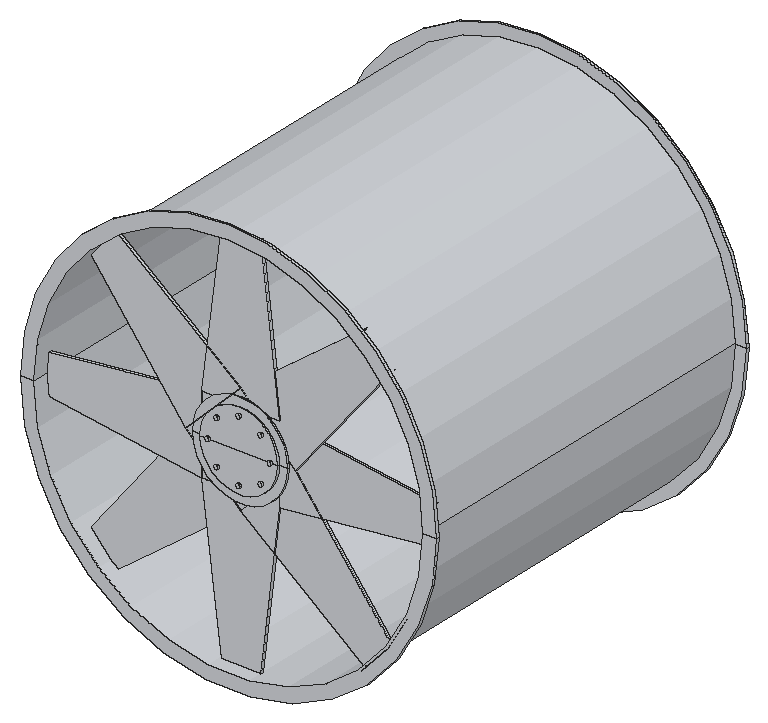
Revit family "CADS_Vent-Axia_MechEquip_Fan_BIFA_1000_3Ph4P - SUPPLY", category Mechanical Equipment, Revit 2020
Family settings
  Round Connector Dimension = Use Diameter
  Part Type = Normal
  OmniClass Number = 23.75.00.00
  OmniClass Title = Climate Control (HVAC)
  Work Plane-Based = No
  Always vertical = Yes
  Cut with Voids When Loaded = No
  Shared = No
  Room Calculation Point = No
Parameters (values of type "BIFA1003440")
  WorkingPressure = 0.0 Pa
  WarrantyStartDate [instance] = "1900-12-31T23:59:59"
  WarrantyPeriod = ""
  WarrantyIdentifier = "N/A"
  WarrantyGuarantorParts = "tech@vent-axia.com"
  WarrantyGuarantorLabor = "tech@vent-axia.com"
  WarrantyGuarantor = "Vent-Axia Limited"
  WarrantyEndDate [instance] = "1900-12-31T23:59:59"
  WarrantyContent = ""
  TemperatureRange = ""
  TagNumber [instance] = "N/A"
  SustainabilityPerformance = ""
  Status = "New"
  Size = ""
  Shape = ""
  ServiceLifeType = ""
  ServiceLifeDuration = ""
  SerialNumber [instance] = "N/A"
  ReplacementCost = ""
  RatedVoltage = 0 V
  RatedCurrent = 0 A
  Quantity = 1
  ProductionYear = ""
  PressureCurve = ""
  PowerFactor = ""
  PointOfContact = ""
  NumberOfPoles = 0
  NominalWidth = 1000 mm
  NominalLength = 1000 mm
  NominalHeight = 1000 mm
  NominalFrequencyRange = ""
  NominalDiameter = 1000 mm
  ModelReference = "BIF 1000MM 3PH 4P 40DEG"
  ModelNumber = "BIFA1003440"
  Material = ""
  ManufacturerE-Mail = "tech@vent-axia.com"
  ManufacturerAddress = "Fleming Way\nCrawley \nRH10 9YX"
  IsExtendedWarranty = no
  InsulationStandardClass = ""
  InstallationDate [instance] = "1900-12-31T23:59:59"
  IfcExportType [instance] = ""
  IfcExportAs = "IfcFanType"
  IP_Code = ""
  HasProtectiveEarth = no
  GrossWeight = 0.00 kg
  Grade = ""
  GlobalTradeItemNumber [instance] = "N/A"
  Fitting Type = "Ignore"
  Finish = ""
  Features = ""
  ExteriorInsulation = no
  ExpectedServiceLife = 0
  Exclusions = ""
  DurationUnit = "Year"
  Default Elevation = 0 mm
  Constituents = ""
  ConductorFunction = ""
  Color = ""
  CodePerformance = ""
  Category = ""
  CADS_Usage = 0
  CADS_Index = 0
  AssetType = "FIXED"
  AssetIdentifier [instance] = "N/A"
  AssemblyPlace = "UNKNOWN"
  ArticleNumber [instance] = "N/A"
  AirflowRateRange = 0.0 L/s
  Air Flow [instance] = 0.0 L/s
  AccessibilityPerformance = ""
Types (16, lengths in mm): name | ModelReference | ModelNumber
  BIFA1003410 | "BIF 1000MM 3PH 4P 10DEG" | "BIFA1003410"
  BIFA1003412 | "BIF 1000MM 3PH 4P 12DEG" | "BIFA1003412"
  BIFA1003414 | "BIF 1000MM 3PH 4P 14DEG" | "BIFA1003414"
  BIFA1003416 | "BIF 1000MM 3PH 4P 16DEG" | "BIFA1003416"
  BIFA1003418 | "BIF 1000MM 3PH 4P 18DEG" | "BIFA1003418"
  BIFA1003420 | "BIF 1000MM 3PH 4P 20DEG" | "BIFA1003420"
  BIFA1003422 | "BIF 1000MM 3PH 4P 22DEG" | "BIFA1003422"
  BIFA1003424 | "BIF 1000MM 3PH 4P 24DEG" | "BIFA1003424"
  BIFA1003426 | "BIF 1000MM 3PH 4P 26DEG" | "BIFA1003426"
  BIFA1003428 | "BIF 1000MM 3PH 4P 28DEG" | "BIFA1003428"
  BIFA1003430 | "BIF 1000MM 3PH 4P 30DEG" | "BIFA1003430"
  BIFA1003432 | "BIF 1000MM 3PH 4P 32DEG" | "BIFA1003432"
  BIFA1003434 | "BIF 1000MM 3PH 4P 34DEG" | "BIFA1003434"
  BIFA1003436 | "BIF 1000MM 3PH 4P 36DEG" | "BIFA1003436"
  BIFA1003438 | "BIF 1000MM 3PH 4P 38DEG" | "BIFA1003438"
  BIFA1003440 | "BIF 1000MM 3PH 4P 40DEG" | "BIFA1003440"
Reference planes
  plane 1 "Center (Front/Back)": y = 0
  plane 2: z = 0
  plane 3 "Center (Left/Right)": x = 0
  plane 4: x = -500
  plane 5: x = 500
  plane 6 "F": y = -500
  plane 7 "B": y = 500
  plane 8: x = -535
  plane 9: y = 495
  plane 10: y = -495
  plane 11: x = -505
  plane 12: y = -460
Forms (mm)
  Revolve 1, solid
    sketch origin (0, 0, 0) x (1, 0, 0) y (0, 1, 0)
      loop
        line (-535, -500) -> (-500, -500) -> (-500, 500) -> (-535, 500) -> (-535, 495) -> (-505, 495) -> (-505, -495) -> (-535, -495) -> (-535, -500)
      axis (0, 500) -> (0, -500)
    angle from 0 to 360
Dimensions and locks
  equal spacing: plane 4, plane 3 "Center (Left/Right)", plane 5
  equal spacing: plane 7 "B", plane 1 "Center (Front/Back)", plane 6 "F"
  "NominalLength": plane 7 "B" to plane 6 "F"
  "NominalDiameter": plane 4 to plane 5
  locked: plane 11 to plane 4 at 5
  locked: plane 8 to plane 11 at 30
  locked: plane 6 "F" to plane 10 at 5
  locked: plane 7 "B" to plane 9 at 5
  locked: plane 6 "F" to plane 12 at 40
  aligned and locked: level to plane 2
  aligned and locked: nested 1 to plane 12
Automatic sketch dimensions
  plane 6 "F" to Revolve 1 sketch curve = 0 mm
  Revolve 1 sketch curve to plane 8 = 0 mm  (x2)
  plane 10 to Revolve 1 sketch curve = 0 mm
  Revolve 1 sketch curve to plane 11 = 0 mm
  Revolve 1 sketch curve to plane 4 = 0 mm
  Revolve 1 sketch curve to plane 3 "Center (Left/Right)" = 0 mm
  plane 1 "Center (Front/Back)" to Revolve 1 sketch curve = 0 mm
  Revolve 1 sketch curve to plane 9 = 0 mm
  Revolve 1 sketch curve to plane 7 "B" = 0 mm
  plane 6 "F" to Revolve 1 sketch curve = 115 mm
Nested families
  nested 1: "Fan for BIFA" at (0, -460, 0), ND <- "NominalDiameter", type "Fan for BIFA"
    with hub 100 mm, ND 1000 mm, BoltPCD 80 mm, Bolt Count 8, B_Diam 10 mm
  nested 2: "Bolts" at (0, -469.172, -80) x (-1, 0, 0) z (0, 1, 0), type "Bolts"
    with bd 10 mm
  nested 3: "Bolts" at (-56.569, -469.172, -56.569) x (-0.7071, 0, 0.7071) z (0, 1, 0), type "Bolts"
    with bd 10 mm
  nested 4: "Bolts" at (-80, -469.172, 0) x (0, 0, 1) z (0, 1, 0), type "Bolts"
    with bd 10 mm
  nested 5: "Bolts" at (-56.569, -469.172, 56.569) x (0.7071, 0, 0.7071) z (0, 1, 0), type "Bolts"
    with bd 10 mm
  nested 6: "Bolts" at (56.569, -469.172, 56.569) x (0.7071, 0, -0.7071) z (0, 1, 0), type "Bolts"
    with bd 10 mm
  nested 7: "Bolts" at (0, -469.172, 80) x (1, 0, 0) z (0, 1, 0), type "Bolts"
    with bd 10 mm
  nested 8: "BIFA Blade" at (0, -460, 0), type "BIFA Blade"
    with a 20.00°, HR 100 mm, HD 200 mm, BT 100 mm, BR 400 mm, BH 40 mm, BD 1000 mm, BB 200 mm
  nested 9: "BIFA Blade" at (0, -460, 0) x (0.7071, 0, -0.7071) z (0.7071, 0, 0.7071), type "BIFA Blade"
    with a 20.00°, HR 100 mm, HD 200 mm, BT 100 mm, BR 400 mm, BH 40 mm, BD 1000 mm, BB 200 mm
  nested 10: "BIFA Blade" at (0, -460, 0) x (0, 0, -1) z (1, 0, 0), type "BIFA Blade"
    with a 20.00°, HR 100 mm, HD 200 mm, BT 100 mm, BR 400 mm, BH 40 mm, BD 1000 mm, BB 200 mm
  nested 11: "BIFA Blade" at (0, -460, 0) x (-0.7071, 0, -0.7071) z (0.7071, 0, -0.7071), type "BIFA Blade"
    with a 20.00°, HR 100 mm, HD 200 mm, BT 100 mm, BR 400 mm, BH 40 mm, BD 1000 mm, BB 200 mm
  nested 12: "BIFA Blade" at (0, -460, 0) x (-1, 0, 0) z (0, 0, -1), type "BIFA Blade"
    with a 20.00°, HR 100 mm, HD 200 mm, BT 100 mm, BR 400 mm, BH 40 mm, BD 1000 mm, BB 200 mm
  nested 13: "BIFA Blade" at (0, -460, 0) x (-0.7071, 0, -0.7071) z (-0.7071, 0, 0.7071), type "BIFA Blade"
    with a 20.00°, HR 100 mm, HD 200 mm, BT 100 mm, BR 400 mm, BH 40 mm, BD 1000 mm, BB 200 mm
  nested 14: "BIFA Blade" at (0, -460, 0) x (0, 0, -1) z (-1, 0, 0), type "BIFA Blade"
    with a 20.00°, HR 100 mm, HD 200 mm, BT 100 mm, BR 400 mm, BH 40 mm, BD 1000 mm, BB 200 mm
  nested 15: "BIFA Blade" at (0, -460, 0) x (0.7071, 0, -0.7071) z (-0.7071, 0, -0.7071), type "BIFA Blade"
    with a 20.00°, HR 100 mm, HD 200 mm, BT 100 mm, BR 400 mm, BH 40 mm, BD 1000 mm, BB 200 mm
  nested 16: "Bolts" at (80, -469.172, 0) x (0, 0, -1) z (0, 1, 0), type "Bolts"
    with bd 10 mm
  nested 17: "Bolts" at (56.569, -469.172, -56.569) x (-0.7071, 0, -0.7071) z (0, 1, 0), type "Bolts"
    with bd 10 mm
Connectors
  hvac at (0, -500, 0), driven by "NominalDiameter", driven by "Air Flow"
    settings: on Revolve 1, index 1, duct flow 0.0 L/s, flow factor 0, pres drop 0.0 Pa, loss coef 0, conn angle 0.00°, conn width 304.8 mm, conn height 304.8 mm, conn diameter 1000 mm, duct sys type 1, conn prof type 0, flow config 1, flow direction 1, loss method 0, conn ref index -1, conn util no, is conn primary yes, conn desc ""
  hvac at (0, 500, 0), driven by "NominalDiameter", driven by "Air Flow"
    settings: on Revolve 1, index 2, duct flow 0.0 L/s, flow factor 0, pres drop 0.0 Pa, loss coef 0, conn angle 0.00°, conn width 304.8 mm, conn height 304.8 mm, conn diameter 1000 mm, duct sys type 1, conn prof type 0, flow config 0, flow direction 2, loss method 0, conn ref index -1, conn util no, is conn primary no, conn desc ""
Definition of nested family "Fan for BIFA"
  Parameters (values of type "Fan for BIFA")
    hub [instance] = ND / 10  # 50 mm
    ND [instance] = 500 mm
    Model = "."
    Default Elevation = 0 mm
    BoltPCD [instance] = hub - (hub * 0.2)  # 40 mm
    Bolt Count [instance] = if(hub < 50 mm, 6, 8)  # 8
    B_Diam [instance] = if(hub < 50 mm, 5 mm, 10 mm)  # 10 mm
  Reference planes
    plane 1 "Center (Front/Back)": y = 0
    plane 2: z = 0
    plane 3 "Center (Left/Right)": x = 0
    plane 4 "back": y = 20
    plane 5 "bolts": y = -9.172
    plane 6 "B": z = 50
    plane 7: x = -72.587
    plane 8: x = -50
    plane 9 "hubface": y = -6.172
  Forms (mm)
    Revolve 1, solid
      sketch origin (0, 0, 0) x (1, 0, 0) y (0, 1, 0)
        loop
          line (0, 20) -> (-50, 20) -> (-50, 10.504) -> (-72.587, 10.504) -> (-72.587, -2.597) -> (-50, -2.597) -> (-50, -6.172) -> (0, -6.172) -> (0, 20)
        axis (0, 20) -> (0, -6.172)
      angle from 0 to 360
    Extrusion 2, solid, not visible
      sketch origin (0, -6.347, -4) x (-1, 0, 0) y (0, 0, 1)
        loop
          circle (0, 84) r 5
      from 0 to 3
  Lines and regions (mm)
    symbolic lines
      curve 1: circle (0, -9.172, 0) r 40 normal (0, 1, 0)
    model lines, not visible
      curve 2: line (0, -6.347, 85) -> (0, -6.347, 75)
  Dimensions and locks
    "hub": plane 6 "B" to plane 2
    "hub": nested 3 to plane 3 "Center (Left/Right)"
    "hub": nested 4 to plane 3 "Center (Left/Right)"
    "hub": nested 5 to plane 3 "Center (Left/Right)"
    "hub": plane 3 "Center (Left/Right)" to nested 6
    "hub": Revolve 1 sketch curve to Revolve 1 sketch curve
    "hub": plane 3 "Center (Left/Right)" to nested 7
    "hub": plane 3 "Center (Left/Right)" to nested 8
    "hub": plane 3 "Center (Left/Right)" to nested 9
    "hub": plane 8 to plane 3 "Center (Left/Right)"
    plane 7 to plane 8 = 22.587 mm
    diameter of Extrusion 2 sketch curve = 10 mm
    "BoltPCD": radius of curve 1
    "BoltPCD": radius of radial array
    aligned and locked: level to plane 2
    aligned and locked: plane 6 "B" to nested 1
  Automatic sketch dimensions
    Revolve 1 sketch curve to plane 7 = 0 mm
    Revolve 1 sketch curve to plane 8 = 0 mm  (x2)
    Revolve 1 sketch curve to plane 3 "Center (Left/Right)" = 0 mm
    Revolve 1 sketch curve to plane 9 "hubface" = 0 mm
    plane 4 "back" to Revolve 1 sketch curve = 0 mm
    plane 1 "Center (Front/Back)" to Revolve 1 sketch curve = 2.597 mm
    plane 4 "back" to Revolve 1 sketch curve = 9.496 mm
    plane 4 "back" to Revolve 1 sketch curve = 5 mm
    Revolve 1 sketch curve to Revolve 1 sketch curve = 45 mm
    curve 1 to level = 0 mm
    curve 1 to plane 3 "Center (Left/Right)" = 0 mm
  Nested families
    nested 1: "BIFA Blade" at (0, 0, 25), BD <- "ND", HD <- "hub", type "BIFA Blade"
      with a 20.00°, HR 25 mm, HD 50 mm, BT 25 mm, BR 100 mm, BH 40 mm, BD 250 mm, BB 50 mm
    nested 2: "BIFA Blade" at (0, 0, 55), BD <- "ND", HD <- "hub", type "BIFA Blade", not visible
      with a 20.00°, HR 25 mm, HD 50 mm, BT 25 mm, BR 100 mm, BH 40 mm, BD 250 mm, BB 50 mm
    nested 3: "BIFA Blade" at (17.678, 0, 17.678) x (0.7071, 0, -0.7071) z (0.7071, 0, 0.7071), BD <- "ND", HD <- "hub", type "BIFA Blade"
      with a 20.00°, HR 25 mm, HD 50 mm, BT 25 mm, BR 100 mm, BH 40 mm, BD 250 mm, BB 50 mm
    nested 4: "BIFA Blade" at (25, 0, 0) x (0, 0, -1) z (1, 0, 0), BD <- "ND", HD <- "hub", type "BIFA Blade"
      with a 20.00°, HR 25 mm, HD 50 mm, BT 25 mm, BR 100 mm, BH 40 mm, BD 250 mm, BB 50 mm
    nested 5: "BIFA Blade" at (17.678, 0, -17.678) x (-0.7071, 0, -0.7071) z (0.7071, 0, -0.7071), BD <- "ND", HD <- "hub", type "BIFA Blade"
      with a 20.00°, HR 25 mm, HD 50 mm, BT 25 mm, BR 100 mm, BH 40 mm, BD 250 mm, BB 50 mm
    nested 6: "BIFA Blade" at (0, 0, -25) x (-1, 0, 0) z (0, 0, -1), BD <- "ND", HD <- "hub", type "BIFA Blade"
      with a 20.00°, HR 25 mm, HD 50 mm, BT 25 mm, BR 100 mm, BH 40 mm, BD 250 mm, BB 50 mm
    nested 7: "BIFA Blade" at (-17.678, 0, 17.678) x (-0.7071, 0, -0.7071) z (-0.7071, 0, 0.7071), BD <- "ND", HD <- "hub", type "BIFA Blade"
      with a 20.00°, HR 25 mm, HD 50 mm, BT 25 mm, BR 100 mm, BH 40 mm, BD 250 mm, BB 50 mm
    nested 8: "BIFA Blade" at (-25, 0, 0) x (0, 0, -1) z (-1, 0, 0), BD <- "ND", HD <- "hub", type "BIFA Blade"
      with a 20.00°, HR 25 mm, HD 50 mm, BT 25 mm, BR 100 mm, BH 40 mm, BD 250 mm, BB 50 mm
    nested 9: "BIFA Blade" at (-17.678, 0, -17.678) x (0.7071, 0, -0.7071) z (-0.7071, 0, -0.7071), BD <- "ND", HD <- "hub", type "BIFA Blade"
      with a 20.00°, HR 25 mm, HD 50 mm, BT 25 mm, BR 100 mm, BH 40 mm, BD 250 mm, BB 50 mm
    nested 10: "Bolts" at (0, -9.172, 40) x (1, 0, 0) z (0, 1, 0), bd <- "B_Diam", type "Bolts"
      with bd 10 mm
    nested 11: "Bolts" at (28.284, -9.172, 28.284) x (0.7071, 0, -0.7071) z (0, 1, 0), bd <- "B_Diam", type "Bolts"
      with bd 10 mm
    nested 12: "Bolts" at (-28.284, -9.172, 28.284) x (0.7071, 0, 0.7071) z (0, 1, 0), bd <- "B_Diam", type "Bolts"
      with bd 10 mm
    nested 13: "Bolts" at (-40, -9.172, 0) x (0, 0, 1) z (0, 1, 0), bd <- "B_Diam", type "Bolts"
      with bd 10 mm
    nested 14: "Bolts" at (-28.284, -9.172, -28.284) x (-0.7071, 0, 0.7071) z (0, 1, 0), bd <- "B_Diam", type "Bolts"
      with bd 10 mm
    nested 15: "Bolts" at (0, -9.172, -40) x (-1, 0, 0) z (0, 1, 0), bd <- "B_Diam", type "Bolts"
      with bd 10 mm
    nested 16: "Bolts" at (28.284, -9.172, -28.284) x (-0.7071, 0, -0.7071) z (0, 1, 0), bd <- "B_Diam", type "Bolts"
      with bd 10 mm
    nested 17: "Bolts" at (40, -9.172, 0) x (0, 0, -1) z (0, 1, 0), bd <- "B_Diam", type "Bolts"
      with bd 10 mm
  Definition of nested family "BIFA Blade"
    Parameters (values of type "BIFA Blade")
      a [instance] = 20.00°
      HR [instance] = HD / 2  # 30 mm
      HD [instance] = BD / 5  # 60 mm
      Default Elevation = 1219.2 mm
      BT [instance] = BD / 10  # 30 mm
      BR [instance] = (BD / 2) - HR  # 120 mm
      BH [instance] = 40 mm
      BD [instance] = 300 mm
      BB [instance] = BD / 5  # 60 mm
    Reference planes
      plane 1 "Center (Front/Back)": y = 0
      plane 2: z = 0
      plane 3 "Center (Left/Right)": x = 0
      plane 4 "Blade Bot": z = 30
      plane 5: x = -30
      plane 6: x = 30
      plane 7: x = -15
      plane 8: x = 15
    Forms (mm)
      Blend 1, solid
        base sketch origin (0, 0, 30) x (-1, 0, 0) y (0, -1, 0)
          loop
            line (30, 0) -> (-30, 0) -> (-30, -6) -> (30, -6) -> (30, 0)
        top sketch origin (0, 0, 30) x (-1, 0, 0) y (0, -1, 0)
          loop
            line (15, -6) -> (15, 0) -> (-15, 0) -> (-15, -6) -> (15, -6)
        from 0 to 120 <- "BR"
    Dimensions and locks
      "HR": plane 4 "Blade Bot" to level
      equal spacing: plane 8, plane 3 "Center (Left/Right)", plane 7
      "BT": plane 8 to plane 7
      equal spacing: plane 6, plane 3 "Center (Left/Right)", plane 5
      "BB": plane 6 to plane 5
      aligned and locked: level to plane 2
    Automatic sketch dimensions
      plane 1 "Center (Front/Back)" to Blend 1 sketch curve = 0 mm  (x2)
      Blend 1 sketch curve to plane 6 = 0 mm
      Blend 1 sketch curve to plane 5 = 0 mm
      Blend 1 sketch curve to plane 1 "Center (Front/Back)" = 6 mm  (x2)
      Blend 1 sketch curve to plane 8 = 0 mm
      Blend 1 sketch curve to plane 7 = 0 mm
  Definition of nested family "Bolts"
    Parameters
      bd [instance] = 10 mm
      Default Elevation = 1219.2 mm
    Reference planes
      plane 1 "Center (Front/Back)": y = 0
      plane 2: z = 0
      plane 3 "Center (Left/Right)": x = 0
    Forms (mm)
      Extrusion 1, solid
        sketch origin (0, 0, 0) x (1, 0, 0) y (0, 1, 0)
          loop
            line (-1219.2, 1219.2) -> (-1219.2, -1219.2) -> (1219.2, -1219.2) -> (1219.2, 1219.2) -> (-1219.2, 1219.2)
        from 0 to -304.8
      Extrusion 2, solid
        sketch origin (0, 0, 0) x (1, 0, 0) y (0, 1, 0)
          loop
            circle (0, 0) r 5
        from 0 to 3
    Dimensions and locks
      "bd": diameter of Extrusion 2 sketch curve
      aligned and locked: plane 2 to Extrusion 1
      aligned and locked: level to Extrusion 1
    Automatic sketch dimensions
      Extrusion 1 sketch curve to Extrusion 1 sketch curve = 2438.4 mm  (x2)
      plane 1 "Center (Front/Back)" to Extrusion 2 sketch curve = 0 mm
      Extrusion 2 sketch curve to plane 3 "Center (Left/Right)" = 0 mm
Definition of nested family "Bolts"
  Parameters
    bd [instance] = 10 mm
    Default Elevation = 1219.2 mm
  Reference planes
    plane 1 "Center (Front/Back)": y = 0
    plane 2: z = 0
    plane 3 "Center (Left/Right)": x = 0
  Forms (mm)
    Extrusion 1, solid
      sketch origin (0, 0, 0) x (1, 0, 0) y (0, 1, 0)
        loop
          line (-1219.2, 1219.2) -> (-1219.2, -1219.2) -> (1219.2, -1219.2) -> (1219.2, 1219.2) -> (-1219.2, 1219.2)
      from 0 to -304.8
    Extrusion 2, solid
      sketch origin (0, 0, 0) x (1, 0, 0) y (0, 1, 0)
        loop
          circle (0, 0) r 5
      from 0 to 3
  Dimensions and locks
    "bd": diameter of Extrusion 2 sketch curve
    aligned and locked: plane 2 to Extrusion 1
    aligned and locked: level to Extrusion 1
  Automatic sketch dimensions
    Extrusion 1 sketch curve to Extrusion 1 sketch curve = 2438.4 mm  (x2)
    plane 1 "Center (Front/Back)" to Extrusion 2 sketch curve = 0 mm
    Extrusion 2 sketch curve to plane 3 "Center (Left/Right)" = 0 mm
Definition of nested family "BIFA Blade"
  Parameters (values of type "BIFA Blade")
    a [instance] = 20.00°
    HR [instance] = HD / 2  # 30 mm
    HD [instance] = BD / 5  # 60 mm
    Default Elevation = 1219.2 mm
    BT [instance] = BD / 10  # 30 mm
    BR [instance] = (BD / 2) - HR  # 120 mm
    BH [instance] = 40 mm
    BD [instance] = 300 mm
    BB [instance] = BD / 5  # 60 mm
  Reference planes
    plane 1 "Center (Front/Back)": y = 0
    plane 2: z = 0
    plane 3 "Center (Left/Right)": x = 0
    plane 4 "Blade Bot": z = 30
    plane 5: x = -30
    plane 6: x = 30
    plane 7: x = -15
    plane 8: x = 15
  Forms (mm)
    Blend 1, solid
      base sketch origin (0, 0, 30) x (-1, 0, 0) y (0, -1, 0)
        loop
          line (30, 0) -> (-30, 0) -> (-30, -6) -> (30, -6) -> (30, 0)
      top sketch origin (0, 0, 30) x (-1, 0, 0) y (0, -1, 0)
        loop
          line (15, -6) -> (15, 0) -> (-15, 0) -> (-15, -6) -> (15, -6)
      from 0 to 120 <- "BR"
  Dimensions and locks
    "HR": plane 4 "Blade Bot" to level
    equal spacing: plane 8, plane 3 "Center (Left/Right)", plane 7
    "BT": plane 8 to plane 7
    equal spacing: plane 6, plane 3 "Center (Left/Right)", plane 5
    "BB": plane 6 to plane 5
    aligned and locked: level to plane 2
  Automatic sketch dimensions
    plane 1 "Center (Front/Back)" to Blend 1 sketch curve = 0 mm  (x2)
    Blend 1 sketch curve to plane 6 = 0 mm
    Blend 1 sketch curve to plane 5 = 0 mm
    Blend 1 sketch curve to plane 1 "Center (Front/Back)" = 6 mm  (x2)
    Blend 1 sketch curve to plane 8 = 0 mm
    Blend 1 sketch curve to plane 7 = 0 mm
